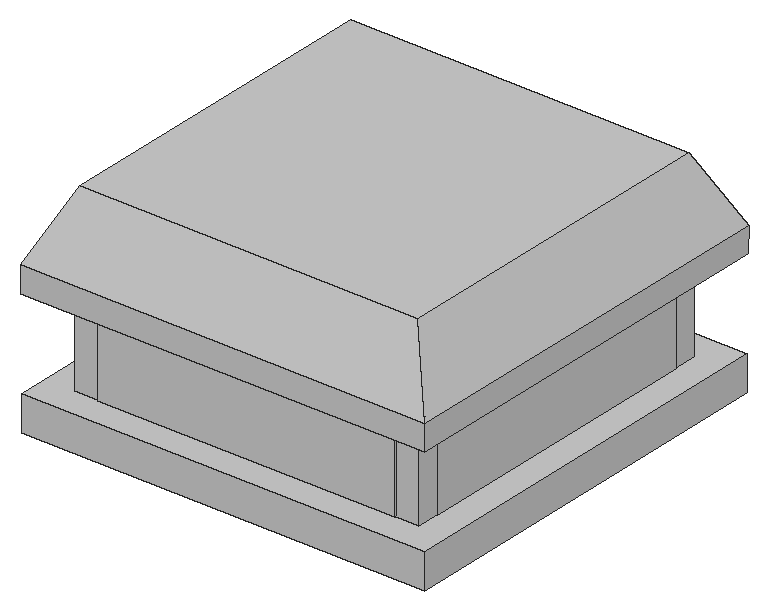
Revit family "VENTS-VKH", category Mechanical Equipment, Revit 2019
Family settings
  Round Connector Dimension = Use Diameter
  Classification = None
  Part Type = Normal
  OmniClass Number = 23.75.35.17.14
  OmniClass Title = Fans, Single Units
  Work Plane-Based = No
  Always vertical = Yes
  Cut with Voids When Loaded = No
  Shared = No
  Room Calculation Point = No
Parameters (values of type "VKH 2E 190 (50Hz)")
  gsA = A * 0.8  # 280.8 mm
  grGap2 = 20 mm  # constant formula
  grGap1 = 1 mm  # constant formula
  Weight = 8.20 kg
  Voltage = 230 V
  URL = "https://ventilation-system.com/product/vkh-2e-190"
  Type Comments = "Centrifugal roof fan VKH 2E 190"
  Transported Air Temperature (°C) = "-25...+50"
  Sound Pressure Level at 3 m (dBA) = 0
  Sound Pressure Level at 1 m (dBA) = 0
  RPM (min-1) = 2680
  Protection rating = "IP X4"
  Power Factor = 1
  Power [instance] = 69 W
  Number of Poles = 1
  Noise Level at 3 m (dBa) = 48
  Model = "VKH 2E 190"
  Maximum Air Flow = 610 m³/h
  Manufacturer = "Vents"
  Maintenance Zone Front Depth = 400 mm
  Maintenance Zone Material = Maintenance Zone
  Maintenance Zone Side Depth = 400 mm
  Maintenance Zone [instance] = no
  Load Classification = HVAC
  Ht2 = 22 mm
  Ht1 = 59 mm
  Hc = H - Ht1 - Ht2 - Hb  # 78 mm
  Hb = 30 mm
  H = 189 mm
  Grid Material = Grid Cross Zinc
  Graphical Symbol [instance] = yes
  Family Version = "1.0"  # constant formula
  Duct Connection Size = 180 mm
  Description = "Centrifugal roof fan with horizontal air discharge"
  D = 213 mm
  Current = 0.3 A
  Copyright = "©Vents"
  Casing Material = Fan Zinc
  C = 245 mm
  B = 350 mm
  Apparent Power [instance] = Power / Power Factor  # 69 VA
  Air Flow [instance] = 0 m³/h
  Atop = 294 mm
  Ac = 298 mm
  A = 351 mm
Types (38, lengths in mm): name | gsA | Weight | Voltage | URL | Type Comments | Transported Air Temperature (°C) | RPM (min-1) | Power | Number of Poles | Noise Level at 3 m (dBa) | Model | Maximum Air Flow | Ht2 | Ht1 | Hc | H | Duct Connection Size | D | Current | C | B | Apparent Power | Atop | Ac | A
  VKH 2E 190 (50Hz) | 280.8 | 8.20 kg | 230 V | "https://ventilation-system.com/product/vkh-2e-190" | "Centrifugal roof fan VKH 2E 190" | "-25...+50" | 2680 | 69 W | 1 | 48 | "VKH 2E 190" | 610 m³/h | 22 | 59 | 78 | 189 | 180 | 213 | 0.3 A | 245 | 350 | 69 VA | 294 | 298 | 351
  VKH 2E 190 (60Hz) | 280.8 | 8.20 kg | 230 V | "https://ventilation-system.com/product/vkh-2e-190" | "Centrifugal roof fan VKH 2E 190" | "-25...+50" | 2980 | 89 W | 1 | 49 | "VKH 2E 190" | 654 m³/h | 22 | 59 | 78 | 189 | 180 | 213 | 0.4 A | 245 | 350 | 89 VA | 294 | 298 | 351
  VKH 2E 220 (50Hz) | 269.6 | 7.00 kg | 230 V | "https://ventilation-system.com/product/vkh-2e-220" | "Centrifugal roof fan VKH 2E 220" | "-25...+50" | 2580 | 108 W | 1 | 50 | "VKH 2E 220" | 880 m³/h | 29 | 46 | 75 | 180 | 180 | 213 | 0.49 A | 245 | 338 | 108 VA | 292 | 284 | 337
  VKH 2E 220 (60Hz) | 269.6 | 7.00 kg | 230 V | "https://ventilation-system.com/product/vkh-2e-220" | "Centrifugal roof fan VKH 2E 220" | "-25...+50" | 2840 | 118 W | 1 | 51 | "VKH 2E 220" | 883 m³/h | 29 | 46 | 75 | 180 | 180 | 213 | 0.54 A | 245 | 338 | 118 VA | 292 | 284 | 337
  VKH 2E 225 (50Hz) | 280.8 | 9.20 kg | 230 V | "https://ventilation-system.com/product/vkh-2e-225" | "Centrifugal roof fan VKH 2E 225" | "-25...+50" | 2790 | 123 W | 1 | 51 | "VKH 2E 225" | 915 m³/h | 22 | 59 | 99 | 210 | 180 | 210 | 0.54 A | 245 | 350 | 123 VA | 295 | 298 | 351
  VKH 2E 225 (60Hz) | 280.8 | 9.20 kg | 230 V | "https://ventilation-system.com/product/vkh-2e-225" | "Centrifugal roof fan VKH 2E 225" | "-25...+50" | 2820 | 169 W | 1 | 52 | "VKH 2E 225" | 1010 m³/h | 22 | 59 | 99 | 210 | 180 | 210 | 0.7 A | 245 | 350 | 169 VA | 295 | 298 | 351
  VKH 4E 225 (50Hz) | 280.8 | 8.80 kg | 230 V | "https://ventilation-system.com/product/vkh-4e-225" | "Centrifugal roof fan VKH 4E 225" | "-25...+50" | 1400 | 49 W | 1 | 45 | "VKH 4E 225" | 738 m³/h | 22 | 59 | 122 | 233 | 180 | 210 | 0.22 A | 245 | 350 | 49 VA | 295 | 298 | 351
  VKH 2E 250 (50Hz) | 360.8 | 12.70 kg | 230 V | "https://ventilation-system.com/product/vkh-2e-250" | "Centrifugal roof fan VKH 2E 250" | "-25...+50" | 2480 | 184 W | 1 | 54 | "VKH 2E 250" | 1450 m³/h | 22 | 59 | 126 | 237 | 250 | 285 | 0.81 A | 330 | 450 | 184 VA | 394 | 398 | 451
  VKH 2E 250 (60Hz) | 360.8 | 12.70 kg | 230 V | "https://ventilation-system.com/product/vkh-2e-250" | "Centrifugal roof fan VKH 2E 250" | "-25...+50" | 2320 | 232 W | 1 | 53 | "VKH 2E 250" | 1320 m³/h | 22 | 59 | 126 | 237 | 250 | 285 | 0.9 A | 330 | 450 | 232 VA | 394 | 398 | 451
  VKH 4E 250 (50Hz) | 360.8 | 12.10 kg | 230 V | "https://ventilation-system.com/product/vkh-4e-250" | "Centrifugal roof fan VKH 4E 250" | "-25...+50" | 1440 | 48 W | 1 | 46 | "VKH 4E 250" | 820 m³/h | 22 | 59 | 126 | 237 | 250 | 285 | 0.23 A | 330 | 450 | 48 VA | 394 | 398 | 451
  VKH 4E 280 (50Hz) | 360.8 | 13.50 kg | 230 V | "https://ventilation-system.com/product/vkh-4e-280" | "Centrifugal roof fan VKH 4E 280" | "-25...+50" | 1446 | 125 W | 1 | 46 | "VKH 4E 280" | 1490 m³/h | 22 | 59 | 154 | 265 | 250 | 291 | 0.61 A | 330 | 450 | 125 VA | 394 | 398 | 451
  VKH 4E 280 (60Hz) | 360.8 | 13.50 kg | 230 V | "https://ventilation-system.com/product/vkh-4e-280" | "Centrifugal roof fan VKH 4E 280" | "-25...+50" | 1710 | 155 W | 1 | 46 | "VKH 4E 280" | 1520 m³/h | 22 | 59 | 154 | 265 | 250 | 291 | 0.99 A | 330 | 450 | 155 VA | 394 | 398 | 451
  VKH 2E 310 (50Hz) | 360.8 | 13.20 kg | 230 V | "https://ventilation-system.com/product/vkh-2e-310" | "Centrifugal roof fan VKH 2E 310" | "-25...+50" | 2620 | 324 W | 1 | 58 | "VKH 2E 310" | 2150 m³/h | 22 | 59 | 140 | 251 | 250 | 291 | 1.42 A | 330 | 450 | 324 VA | 394 | 398 | 451
  VKH 4E 310 (50Hz) | 360.8 | 14.20 kg | 230 V | "https://ventilation-system.com/product/vkh-4e-310" | "Centrifugal roof fan VKH 4E 310" | "-25...+50" | 1420 | 141 W | 1 | 47 | "VKH 4E 310" | 2265 m³/h | 22 | 59 | 176 | 287 | 250 | 285 | 0.64 A | 330 | 450 | 141 VA | 394 | 398 | 451
  VKH 4E 310 (60Hz) | 360.8 | 14.20 kg | 230 V | "https://ventilation-system.com/product/vkh-4e-310" | "Centrifugal roof fan VKH 4E 310" | "-25...+50" | 1740 | 195 W | 1 | 49 | "VKH 4E 310" | 2425 m³/h | 22 | 59 | 176 | 287 | 250 | 285 | 0.87 A | 330 | 450 | 195 VA | 394 | 398 | 451
  VKH 4D 310 (50Hz) | 360.8 | 14.20 kg | 400 V | "https://ventilation-system.com/product/vkh-4d-310" | "Centrifugal roof fan VKH 4D 310" | "-25...+50" | 1410 | 155 W | 3 | 47 | "VKH 4D 310" | 2300 m³/h | 22 | 59 | 176 | 287 | 250 | 285 | 0.29 A | 330 | 450 | 155 VA | 394 | 398 | 451
  VKH 4D 310 (60Hz) | 360.8 | 14.20 kg | 400 V | "https://ventilation-system.com/product/vkh-4d-310" | "Centrifugal roof fan VKH 4D 310" | "-25...+50" | 1550 | 202 W | 3 | 48 | "VKH 4D 310" | 2442 m³/h | 22 | 59 | 176 | 287 | 250 | 285 | 0.32 A | 330 | 450 | 202 VA | 394 | 398 | 451
  VKH 4E 355 (50Hz) | 500 | 28.30 kg | 230 V | "https://ventilation-system.com/product/vkh-4e-355" | "Centrifugal roof fan VKH 4E 355" | "-30...+60" | 1420 | 219 W | 1 | 51 | "VKH 4E 355" | 2480 m³/h | 22 | 94 | 176 | 322 | 400 | 438 | 0.96 A | 450 | 620 | 219 VA | 534 | 568 | 625
  VKH 4E 355 (60Hz) | 500 | 28.30 kg | 230 V | "https://ventilation-system.com/product/vkh-4e-355" | "Centrifugal roof fan VKH 4E 355" | "-30...+60" | 1580 | 304 W | 1 | 52 | "VKH 4E 355" | 2976 m³/h | 22 | 94 | 176 | 322 | 400 | 438 | 1.33 A | 450 | 620 | 304 VA | 534 | 568 | 625
  VKH 4D 355 (50Hz) | 500 | 30.30 kg | 400 V | "https://ventilation-system.com/product/vkh-4d-355" | "Centrifugal roof fan VKH 4D 355" | "-30...+60" | 1430 | 264 W | 3 | 52 | "VKH 4D 355" | 3290 m³/h | 22 | 94 | 201 | 347 | 400 | 438 | 0.58 A | 450 | 620 | 264 VA | 534 | 568 | 625
  VKH 4D 355 (60Hz) | 500 | 30.30 kg | 400 V | "https://ventilation-system.com/product/vkh-4d-355" | "Centrifugal roof fan VKH 4D 355" | "-30...+60" | 1650 | 330 W | 3 | 53 | "VKH 4D 355" | 3540 m³/h | 22 | 94 | 201 | 347 | 400 | 438 | 0.64 A | 450 | 620 | 330 VA | 534 | 568 | 625
  VKH 4E 400 (50Hz) | 500 | 35.00 kg | 230 V | "https://ventilation-system.com/product/vkh-4e-400" | "Centrifugal roof fan VKH 4E 400" | "-30...+60" | 1440 | 457 W | 1 | 55 | "VKH 4E 400" | 3950 m³/h | 22 | 94 | 230 | 376 | 400 | 438 | 2 A | 450 | 620 | 457 VA | 534 | 568 | 625
  VKH 6E 400 (50Hz) | 500 | 32.70 kg | 230 V | "https://ventilation-system.com/product/vkh-6e-400" | "Centrifugal roof fan VKH 6E 400" | "-30...+60" | 945 | 184 W | 1 | 47 | "VKH 6E 400" | 2740 m³/h | 22 | 94 | 230 | 376 | 400 | 438 | 0.89 A | 450 | 620 | 184 VA | 534 | 568 | 625
  VKH 6E 400 (60Hz) | 500 | 32.70 kg | 230 V | "https://ventilation-system.com/product/vkh-6e-400" | "Centrifugal roof fan VKH 6E 400" | "-30...+60" | 1071 | 249 W | 1 | 49 | "VKH 6E 400" | 3289 m³/h | 22 | 94 | 230 | 376 | 400 | 438 | 1.1 A | 450 | 620 | 249 VA | 534 | 568 | 625
  VKH 4D 400 (50Hz) | 500 | 35.00 kg | 400 V | "https://ventilation-system.com/product/vkh-4d-400" | "Centrifugal roof fan VKH 4D 400" | "-30...+60" | 1440 | 420 W | 3 | 55 | "VKH 4D 400" | 3950 m³/h | 22 | 94 | 230 | 376 | 400 | 438 | 0.99 A | 450 | 620 | 420 VA | 534 | 568 | 625
  VKH 4E 450 (50Hz) | 568 | 46.60 kg | 230 V | "https://ventilation-system.com/product/vkh-4e-450" | "Centrifugal roof fan VKH 4E 450" | "-30...+60" | 1400 | 749 W | 1 | 58 | "VKH 4E 450" | 6180 m³/h | 22 | 114 | 254 | 420 | 400 | 438 | 3.35 A | 535 | 700 | 749 VA | 600 | 624 | 710
  VKH 6E 450 (50Hz) | 568 | 45.60 kg | 230 V | "https://ventilation-system.com/product/vkh-6e-450" | "Centrifugal roof fan VKH 6E 450" | "-30...+60" | 940 | 268 W | 1 | 50 | "VKH 6E 450" | 4380 m³/h | 22 | 114 | 254 | 420 | 400 | 438 | 1.25 A | 535 | 700 | 268 VA | 600 | 624 | 710
  VKH 4D 450 (50Hz) | 568 | 45.50 kg | 400 V | "https://ventilation-system.com/product/vkh-4d-450" | "Centrifugal roof fan VKH 4D 450" | "-30...+50" | 1440 | 755 W | 3 | 57 | "VKH 4D 450" | 5920 m³/h | 22 | 114 | 254 | 420 | 400 | 438 | 1.5 A | 535 | 700 | 755 VA | 600 | 624 | 710
  VKH 4D 500 (50Hz) | 568 | 46.60 kg | 400 V | "https://ventilation-system.com/product/vkh-4d-500" | "Centrifugal roof fan VKH 4D 500" | "-30...+50" | 1460 | 1527 W | 3 | 62 | "VKH 4D 500" | 8435 m³/h | 22 | 114 | 324 | 490 | 400 | 430 | 2.64 A | 535 | 700 | 1527 VA | 600 | 624 | 710
  VKH 6E 500 (50Hz) | 568 | 52.80 kg | 230 V | "https://ventilation-system.com/product/vkh-6e-500" | "Centrifugal roof fan VKH 6E 500" | "-25...+60" | 970 | 407 W | 1 | 52 | "VKH 6E 500" | 5680 m³/h | 22 | 114 | 295 | 461 | 400 | 445 | 1.81 A | 535 | 700 | 407 VA | 600 | 624 | 710
  VKH 6E 500 (60Hz) | 568 | 52.80 kg | 230 V | "https://ventilation-system.com/product/vkh-6e-500" | "Centrifugal roof fan VKH 6E 500" | "-25...+60" | 1120 | 673 W | 1 | 54 | "VKH 6E 500" | 6532 m³/h | 22 | 114 | 295 | 461 | 400 | 445 | 3.05 A | 535 | 700 | 673 VA | 600 | 624 | 710
  VKH 6D 500 (50Hz) | 568 | 52.70 kg | 400 V | "https://ventilation-system.com/product/vkh-6d-500" | "Centrifugal roof fan VKH 6D 500" | "-25...+60" | 978 | 440 W | 3 | 52 | "VKH 6D 500" | 6000 m³/h | 22 | 114 | 295 | 461 | 400 | 445 | 1.23 A | 535 | 700 | 440 VA | 600 | 624 | 710
  VKH 6D 500 (60Hz) | 568 | 52.70 kg | 400 V | "https://ventilation-system.com/product/vkh-6d-500" | "Centrifugal roof fan VKH 6D 500" | "-25...+60" | 1125 | 599 W | 3 | 54 | "VKH 6D 500" | 6122 m³/h | 22 | 114 | 295 | 461 | 400 | 445 | 1.32 A | 535 | 700 | 599 VA | 600 | 624 | 710
  VKH 4D 560 (50Hz) | 720 | 81.40 kg | 230 V | "https://ventilation-system.com/product/vkh-4d-560" | "Centrifugal roof fan VKH 4D 560" | "-25...+50" | 1400 | 1970 W | 1 | 66 | "VKH 4D 560" | 13560 m³/h | 22 | 114 | 323 | 489 | 560 | 605 | 3.36 A | 750 | 895 | 1970 VA | 790 | 838 | 900
  VKH 6E 560 (50Hz) | 720 | 76.40 kg | 230 V | "https://ventilation-system.com/product/vkh-6e-560" | "Centrifugal roof fan VKH 6E 560" | "-25...+50" | 930 | 613 W | 1 | 58 | "VKH 6E 560" | 9560 m³/h | 22 | 114 | 323 | 489 | 560 | 605 | 2.7 A | 750 | 895 | 613 VA | 790 | 838 | 900
  VKH 6D 560 (50Hz) | 720 | 76.40 kg | 400 V | "https://ventilation-system.com/product/vkh-6d-560" | "Centrifugal roof fan VKH 6D 560" | "-25...+50" | 970 | 696 W | 3 | 58 | "VKH 6D 560" | 9630 m³/h | 22 | 114 | 323 | 489 | 560 | 605 | 1.44 A | 750 | 895 | 696 VA | 790 | 838 | 900
  VKH 6D 630 (50Hz) | 800 | 96.30 kg | 400 V | "https://ventilation-system.com/product/vkh-6d-630" | "Centrifugal roof fan VKH 6D 630" | "-25...+50" | 957 | 1110 W | 3 | 64 | "VKH 6D 630" | 12640 m³/h | 22 | 114 | 354 | 520 | 560 | 600 | 2.42 A | 750 | 990 | 1110 VA | 892 | 915 | 1000
  VKH 6D 710 (50Hz) | 848 | 134.00 kg | 400 V | "https://ventilation-system.com/product/vkh-6d-710" | "Centrifugal roof fan VKH 6D 710" | "-25...+70" | 945 | 2583 W | 3 | 67 | "VKH 6D 710" | 17010 m³/h | 22 | 114 | 404 | 570 | 630 | 674 | 4.87 A | 840 | 1050 | 2583 VA | 950 | 975 | 1060
Reference planes
  plane 1 "Center (Front/Back)": y = 0
  plane 2: z = 0
  plane 3 "Center (Left/Right)": x = 0
  plane 4: x = -175
  plane 5: x = 175
  plane 6: y = 175
  plane 7: y = -175
  plane 8 "TopOfBottom": z = 30
  plane 9: z = 108
  plane 10 "Top": z = 189
  plane 11: x = -175.5
  plane 12: x = 175.5
  plane 13: y = 175.5
  plane 14 "Front": y = -175.5
  plane 15 "BottomOfTop": z = 130
  plane 16 "MaintananceDepthFront": y = -575.5
  plane 17 "MaintananceDepthRight": x = 575.5
  plane 18: x = -147
  plane 19: x = 147
  plane 20: y = 147
  plane 21: y = -147
  plane 22 "CenterPartLeft": x = -149
  plane 23 "CenterPartRight": x = 149
  plane 24 "CenterPartBack": y = 149
  plane 25 "CenterPartFront": y = -149
  plane 26 "MaintananceDepthLeft": x = -575.5
  plane 27 "MaintananceDepthBack": y = 575.5
  plane 28 "ElConFront": y = -75.5
  plane 29: x = -150
  plane 30: x = 150
  plane 31: y = -150
  plane 32: y = 150
  plane 33: x = -129
  plane 34: y = 129
  plane 35: x = 129
  plane 36: y = -129
Forms (mm)
  Extrusion 1, solid, material "Fan Zinc" <- "Casing Material", detail levels medium+fine
    sketch origin (0, 0, 0) x (1, 0, 0) y (0, 1, 0)
      loop
        line (-175, 175) -> (-175, -175) -> (175, -175) -> (175, 175) -> (-175, 175)
    from 0 to 30
  Extrusion 2, solid, material "Maintenance Zone" <- "Maintenance Zone Material", visible <- "Maintenance Zone", detail levels medium+fine
    sketch origin (0, 0, 0) x (1, 0, 0) y (0, 1, 0)
      loop
        line (-175.5, -175.5) -> (-175.5, -575.5) -> (175.5, -575.5) -> (175.5, -175.5) -> (-175.5, -175.5)
    from 0 to 189
  Extrusion 3, solid, material "Maintenance Zone" <- "Maintenance Zone Material", visible <- "Maintenance Zone", detail levels medium+fine
    sketch origin (0, 0, 0) x (1, 0, 0) y (0, 1, 0)
      loop
        line (175.5, 175.5) -> (175.5, -175.5) -> (575.5, -175.5) -> (575.5, 175.5) -> (175.5, 175.5)
    from 0 to 189
  Extrusion 4, solid, material "Fan Zinc" <- "Casing Material", detail levels medium+fine
    sketch origin (0, 0, 30) x (-1, 0, 0) y (0, -1, 0)
      loop
        line (149, -149) -> (149, 149) -> (-149, 149) -> (-149, -149) -> (149, -149)
    from 0 to 78
  Blend 5, solid, material "Fan Zinc" <- "Casing Material", detail levels medium+fine
    base sketch origin (0, 0, 130) x (-1, 0, 0) y (0, -1, 0)
      loop
        line (175.5, -175.5) -> (175.5, 175.5) -> (-175.5, 175.5) -> (-175.5, -175.5) -> (175.5, -175.5)
    top sketch origin (0, 0, 189) x (-1, 0, 0) y (0, -1, 0)
      loop
        line (147, -147) -> (147, 147) -> (-147, 147) -> (-147, -147) -> (147, -147)
    from 0 to 0
  Extrusion 6, solid, material "Fan Zinc" <- "Casing Material", detail levels medium+fine
    sketch origin (0, 0, 130) x (-1, 0, 0) y (0, -1, 0)
      loop
        line (175.5, -175.5) -> (175.5, 175.5) -> (-175.5, 175.5) -> (-175.5, -175.5) -> (175.5, -175.5)
    from 0 to -22
  Extrusion 7, solid, material "Maintenance Zone" <- "Maintenance Zone Material", visible <- "Maintenance Zone", detail levels medium+fine
    sketch origin (0, 0, 0) x (1, 0, 0) y (0, 1, 0)
      loop
        line (-175.5, 575.5) -> (-175.5, 175) -> (175, 175) -> (175, 575.5) -> (-175.5, 575.5)
    from 0 to 189
  Extrusion 8, solid, material "Maintenance Zone" <- "Maintenance Zone Material", visible <- "Maintenance Zone", detail levels medium+fine
    sketch origin (0, 0, 0) x (1, 0, 0) y (0, 1, 0)
      loop
        line (-575.5, 175.5) -> (-575.5, -175) -> (-175, -175) -> (-175, 175.5) -> (-575.5, 175.5)
    from 0 to 189
  Extrusion 9, solid, not visible, detail levels medium+fine
    sketch origin (0, 0, 130) x (-1, 0, 0) y (0, -1, 0)
      loop
        circle (0, 75.5) r 5
    from 0 to 30
  Extrusion 10, solid, material "Grid Cross Zinc" <- "Grid Material", detail levels fine
    sketch origin (0, 0, 30) x (-1, 0, 0) y (0, -1, 0)
      loop
        line (129, -150) -> (129, -129) -> (150, -129) -> (150, 129) -> (129, 129) -> (129, 150) -> (-129, 150) -> (-129, 129) -> (-150, 129) -> (-150, -129) -> (-129, -129) -> (-129, -150) -> (129, -150)
    from 0 to 78
Lines and regions (mm)
  symbolic lines, style "MechanicalEquipment", detail levels coarse
    curve 1: line (-175.5, 175.5, 0) -> (175.5, 175.5, 0)
    curve 2: line (-175.5, -175.5, 0) -> (-175.5, 175.5, 0)
    curve 3: line (175.5, -175.5, 0) -> (-175.5, -175.5, 0)
    curve 4: line (175.5, 175.5, 0) -> (175.5, -175.5, 0)
  symbolic lines, style "Maintenance Zone", visible <- "Maintenance Zone", detail levels medium+fine
    curve 5: line (-175.5, -175.5, 0) -> (175.5, -175.5, 0)
    curve 6: line (-175.5, -575.5, 0) -> (-175.5, -175.5, 0)
    curve 7: line (175.5, -575.5, 0) -> (-175.5, -575.5, 0)
    curve 8: line (175.5, -175.5, 0) -> (175.5, -575.5, 0)
    curve 9: line (175.5, 175.5, 0) -> (575.5, 175.5, 0)
    curve 10: line (175.5, -175.5, 0) -> (175.5, 175.5, 0)
    curve 11: line (575.5, -175.5, 0) -> (175.5, -175.5, 0)
    curve 12: line (575.5, 175.5, 0) -> (575.5, -175.5, 0)
    curve 13: line (-175.5, 575.5, 30) -> (175, 575.5, 30)
    curve 14: line (-175.5, 175, 30) -> (-175.5, 575.5, 30)
    curve 15: line (175, 175, 30) -> (-175.5, 175, 30)
    curve 16: line (175, 575.5, 30) -> (175, 175, 30)
    curve 17: line (-575.5, 175.5, 30) -> (-175, 175.5, 30)
    curve 18: line (-575.5, -175, 30) -> (-575.5, 175.5, 30)
    curve 19: line (-175, -175, 30) -> (-575.5, -175, 30)
    curve 20: line (-175, 175.5, 30) -> (-175, -175, 30)
Dimensions and locks
  equal spacing: plane 4, plane 3 "Center (Left/Right)", plane 5
  "B": plane 4 to plane 5
  equal spacing: plane 6, plane 1 "Center (Front/Back)", plane 7
  "B": plane 6 to plane 7
  "Hb": plane 8 "TopOfBottom" to level
  "Hc": plane 9 to plane 8 "TopOfBottom"
  "Ht1": plane 10 "Top" to plane 15 "BottomOfTop"
  equal spacing: plane 13, plane 1 "Center (Front/Back)", plane 14 "Front"
  "A": plane 13 to plane 14 "Front"
  equal spacing: plane 11, plane 3 "Center (Left/Right)", plane 12
  "A": plane 11 to plane 12
  "Maintenance Zone Front Depth": plane 14 "Front" to plane 16 "MaintananceDepthFront"
  equal spacing: plane 18, plane 3 "Center (Left/Right)", plane 19
  "Atop": plane 18 to plane 19
  equal spacing: plane 20, plane 1 "Center (Front/Back)", plane 21
  "Atop": plane 20 to plane 21
  "Ht2": plane 15 "BottomOfTop" to plane 9
  equal spacing: plane 22 "CenterPartLeft", plane 3 "Center (Left/Right)", plane 23 "CenterPartRight"
  "Ac": plane 22 "CenterPartLeft" to plane 23 "CenterPartRight"
  equal spacing: plane 24 "CenterPartBack", plane 1 "Center (Front/Back)", plane 25 "CenterPartFront"
  "Ac": plane 24 "CenterPartBack" to plane 25 "CenterPartFront"
  "Maintenance Zone Side Depth": plane 12 to plane 17 "MaintananceDepthRight"
  "Maintenance Zone Side Depth": plane 26 "MaintananceDepthLeft" to plane 11
  "Maintenance Zone Front Depth": plane 27 "MaintananceDepthBack" to plane 13
  locked: plane 28 "ElConFront" to plane 14 "Front" at 100
  "grGap1": plane 32 to plane 24 "CenterPartBack"
  "grGap1": plane 25 "CenterPartFront" to plane 31
  "grGap1": plane 23 "CenterPartRight" to plane 30
  "grGap1": plane 29 to plane 22 "CenterPartLeft"
  "grGap2": plane 24 "CenterPartBack" to plane 34
  "grGap2": plane 22 "CenterPartLeft" to plane 33
  "grGap2": plane 35 to plane 23 "CenterPartRight"
  "grGap2": plane 36 to plane 25 "CenterPartFront"
  aligned and locked: level to plane 2
  aligned and locked: Extrusion 1 sketch curve to plane 6
  aligned and locked: plane 4 to Extrusion 1 sketch curve
  aligned and locked: plane 7 to Extrusion 1 sketch curve
  aligned and locked: Extrusion 1 sketch curve to plane 5
  aligned and locked: plane 8 "TopOfBottom" to Extrusion 1
  aligned and locked: Extrusion 1 to level
  aligned and locked: Extrusion 2 sketch curve to plane 14 "Front"
  aligned and locked: plane 11 to Extrusion 2 sketch curve
  aligned and locked: plane 16 "MaintananceDepthFront" to Extrusion 2 sketch curve
  aligned and locked: Extrusion 2 sketch curve to plane 12
  aligned and locked: Extrusion 3 sketch curve to plane 13
  aligned and locked: plane 12 to Extrusion 3 sketch curve
  aligned and locked: plane 14 "Front" to Extrusion 3 sketch curve
  aligned and locked: Extrusion 3 sketch curve to plane 17 "MaintananceDepthRight"
  aligned and locked: plane 10 "Top" to Extrusion 3
  aligned and locked: plane 10 "Top" to Extrusion 2
  aligned and locked: nested 1 to plane 3 "Center (Left/Right)"
  aligned and locked: nested 1 to level
  aligned and locked: plane 3 "Center (Left/Right)" to nested 2
  aligned and locked: plane 1 "Center (Front/Back)" to nested 2
  aligned and locked: Extrusion 4 sketch curve to plane 24 "CenterPartBack"
  aligned and locked: plane 22 "CenterPartLeft" to Extrusion 4 sketch curve
  aligned and locked: plane 25 "CenterPartFront" to Extrusion 4 sketch curve
  aligned and locked: Extrusion 4 sketch curve to plane 23 "CenterPartRight"
  aligned and locked: plane 9 to Extrusion 4
  aligned and locked: Blend 5 sketch curve to curve 1
  aligned and locked: Blend 5 sketch curve to curve 2
  aligned and locked: Blend 5 sketch curve to Extrusion 2
  aligned and locked: Blend 5 sketch curve to Extrusion 3
  aligned and locked: Blend 5 sketch curve to plane 20
  aligned and locked: plane 18 to Blend 5 sketch curve
  aligned and locked: plane 21 to Blend 5 sketch curve
  aligned and locked: Blend 5 sketch curve to plane 19
  aligned and locked: plane 10 "Top" to Blend 5
  aligned and locked: Extrusion 6 sketch curve to curve 1
  aligned and locked: Extrusion 6 sketch curve to curve 2
  aligned and locked: Extrusion 6 sketch curve to Extrusion 2
  aligned and locked: Extrusion 6 sketch curve to Extrusion 3
  aligned and locked: Extrusion 6 to plane 9
  aligned and locked: Extrusion 7 sketch curve to plane 27 "MaintananceDepthBack"
  aligned and locked: plane 11 to Extrusion 7 sketch curve
  aligned and locked: Extrusion 7 sketch curve to Extrusion 1  (x2)
  aligned and locked: Extrusion 8 sketch curve to plane 13
  aligned and locked: plane 26 "MaintananceDepthLeft" to Extrusion 8 sketch curve
  aligned and locked: Extrusion 8 sketch curve to Extrusion 1  (x2)
  aligned and locked: plane 10 "Top" to Extrusion 8
  aligned and locked: curve 13 to Extrusion 7
  aligned and locked: curve 14 to Extrusion 7
  aligned and locked: curve 15 to Extrusion 1
  aligned and locked: curve 16 to Extrusion 7
  aligned and locked: curve 17 to Extrusion 8
  aligned and locked: curve 18 to Extrusion 8
  aligned and locked: curve 19 to Extrusion 8
  aligned and locked: curve 20 to Extrusion 1
  aligned and locked: plane 10 "Top" to Extrusion 7
  aligned and locked: Extrusion 10 sketch curve to plane 32
  aligned and locked: plane 29 to Extrusion 10 sketch curve
  aligned and locked: plane 31 to Extrusion 10 sketch curve
  aligned and locked: Extrusion 10 sketch curve to plane 30
  aligned and locked: plane 9 to Extrusion 10
Automatic sketch dimensions
  curve 1 to plane 11 = 0 mm
  curve 4 to plane 13 = 0 mm
  curve 5 to plane 12 = 0 mm
  curve 9 to plane 17 "MaintananceDepthRight" = 0 mm
  curve 7 to plane 16 "MaintananceDepthFront" = 0 mm
  curve 3 to plane 14 "Front" = 0 mm
  Extrusion 9 sketch curve to plane 3 "Center (Left/Right)" = 0 mm
  Extrusion 9 sketch curve to plane 28 "ElConFront" = 0 mm
  Extrusion 10 sketch curve to plane 35 = 0 mm  (x2)
  Extrusion 10 sketch curve to plane 33 = 0 mm  (x2)
  Extrusion 10 sketch curve to plane 34 = 0 mm  (x2)
  Extrusion 10 sketch curve to plane 36 = 0 mm  (x2)
  radius of Extrusion 9 sketch curve = 5 mm
Nested families
  nested 1: "GraphicalSymbol_Fan_3" at (0, 0, 87.75) x (-1, 0, 0) z (0, 1, 0), type "GraphicalSymbol_Fan_3", detail levels coarse
  nested 2: "GraphicalSymbol_Fun_3_Anno" at (0, 0, 0), visible <- "Graphical Symbol", type "GraphicalSymbol_Fun_3_Anno", detail levels coarse
Connectors
  hvac at (0, 0, 0), driven by "Duct Connection Size", driven by "Air Flow"
    settings: on Extrusion 1, index 1, duct flow 0 m³/h, flow factor 1, pres drop 0.0 Pa, loss coef 0, conn angle 0.00°, conn width 304.8 mm, conn height 304.8 mm, conn diameter 180 mm, duct sys type 3, conn prof type 0, flow config 2, flow direction 1, loss method 0, conn ref index -1, conn util no, is conn primary yes, conn desc ""
  electrical at (0, -75.5, 160), driven by "Number of Poles", driven by "Load Classification", driven by "Voltage", driven by "Apparent Power", driven by "Power Factor"
    settings: on Extrusion 9, index 2, voltage 230 V, apparent load 69 VA, apparent load phase1 0 VA, apparent load phase2 0 VA, apparent load phase3 0 VA, power factor 1, load classification "HVAC", number of poles 1, system type 30, power factor state 1, is connector primary yes, connector utility no, sub classification motor no, connector description ""
Definition of nested family "GraphicalSymbol_Fan_3"
  Parameters (values of type "GraphicalSymbol_Fan_3")
    Hs = H * 0.8  # 40 mm
    Default Elevation = 1219.2 mm
    H = A * 0.5  # 50 mm
    As = A * 0.7  # 70 mm
    ArrowW = H * 0.6  # 30 mm
    ArrowL = ArrowW  # 30 mm
    ArrowGap = ArrowW * 0.3  # 9 mm
    Arrow3 = yes
    Arrow2 = yes
    Arrow1 = yes
    A = 100 mm
  Reference planes
    plane 1 "Center (Front/Back)": y = 0
    plane 2: z = 0
    plane 3 "Center (Left/Right)": x = 0
    plane 4: y = 25
    plane 5: y = -25
    plane 6: x = -50
    plane 7: x = 50
    plane 8: y = 20
    plane 9: y = -20
    plane 10: x = -35
    plane 11: x = 35
    plane 12: x = 15
    plane 13: x = -15
    plane 14: y = 15
    plane 15: y = -15
    plane 16: y = 34
    plane 17: x = -59
    plane 18: x = 59
    plane 19: x = -89
    plane 20: x = 89
    plane 21: y = 64
  Lines and regions (mm)
    model lines
      curve 1: line (-50, 25, 0) -> (50, 25, 0)
      curve 2: line (-50, -25, 0) -> (-50, 25, 0)
      curve 3: line (50, -25, 0) -> (-50, -25, 0)
      curve 4: line (50, 25, 0) -> (50, -25, 0)
      curve 5: line (-35, 20, 0) -> (-35, -20, 0)
      curve 6: line (-35, -20, 0) -> (35, 20, 0)
      curve 7: line (35, 20, 0) -> (35, -20, 0)
      curve 8: line (35, -20, 0) -> (-35, 20, 0)
    model lines, visible <- "Arrow1"
      curve 9: line (-15, 34, 0) -> (15, 34, 0)
      curve 10: line (15, 34, 0) -> (0, 64, 0)
      curve 11: line (0, 64, 0) -> (-15, 34, 0)
    model lines, visible <- "Arrow2"
      curve 12: line (-59, 15, 0) -> (-59, -15, 0)
      curve 13: line (-59, -15, 0) -> (-89, 0, 0)
      curve 14: line (-89, 0, 0) -> (-59, 15, 0)
    model lines, visible <- "Arrow3"
      curve 15: line (59, 15, 0) -> (59, -15, 0)
      curve 16: line (59, -15, 0) -> (89, 0, 0)
      curve 17: line (89, 0, 0) -> (59, 15, 0)
  Dimensions and locks
    equal spacing: plane 10, plane 3 "Center (Left/Right)", plane 11
    equal spacing: plane 6, plane 3 "Center (Left/Right)", plane 7
    equal spacing: plane 4, plane 1 "Center (Front/Back)", plane 5
    equal spacing: plane 8, plane 1 "Center (Front/Back)", plane 9
    "As": plane 10 to plane 11
    "Hs": plane 8 to plane 9
    "A": plane 6 to plane 7
    "H": plane 4 to plane 5
    equal spacing: plane 13, plane 3 "Center (Left/Right)", plane 12
    "ArrowW": plane 13 to plane 12
    "ArrowGap": plane 16 to plane 4
    "ArrowL": plane 21 to plane 16
    equal spacing: plane 14, plane 1 "Center (Front/Back)", plane 15
    "ArrowW": plane 14 to plane 15
    "ArrowGap": plane 7 to plane 18
    "ArrowL": plane 18 to plane 20
    "ArrowGap": plane 17 to plane 6
    "ArrowL": plane 19 to plane 17
    aligned and locked: level to plane 2
    aligned and locked: curve 1 to plane 4
    aligned and locked: plane 6 to curve 2
    aligned and locked: plane 5 to curve 3
    aligned and locked: curve 4 to plane 7
  Automatic sketch dimensions
    plane 1 "Center (Front/Back)" to curve 14 = 0 mm
    curve 14 to plane 19 = 0 mm
    curve 13 to plane 15 = 0 mm
    curve 13 to plane 17 = 0 mm
    curve 6 to plane 9 = 0 mm
    curve 6 to plane 10 = 0 mm
    curve 11 to plane 13 = 0 mm
    curve 10 to plane 3 "Center (Left/Right)" = 0 mm
    curve 10 to plane 12 = 0 mm
    curve 7 to plane 9 = 0 mm
    curve 7 to plane 11 = 0 mm
    curve 15 to plane 15 = 0 mm
    curve 15 to plane 18 = 0 mm
    plane 1 "Center (Front/Back)" to curve 17 = 0 mm
    curve 16 to plane 20 = 0 mm
    curve 12 to plane 14 = 0 mm
    curve 15 to plane 14 = 0 mm
    curve 8 to plane 8 = 0 mm
    curve 7 to plane 8 = 0 mm
    curve 9 to plane 16 = 0 mm
    curve 10 to plane 21 = 0 mm
Definition of nested family "GraphicalSymbol_Fun_3_Anno"
  Parameters (values of type "GraphicalSymbol_Fun_3_Anno")
    Hs = 0.8 * H  # 40 mm
    H = 0.5 * A  # 50 mm
    As = 0.7 * A  # 70 mm
    A = 100 mm
  Reference planes
    plane 1 "Center (Front/Back)": y = 0
    plane 2: z = 0
    plane 3 "Center (Left/Right)": x = 0
    plane 4: x = -50
    plane 5: x = 50
    plane 6: y = 25
    plane 7: y = -25
    plane 8: x = 35
    plane 9: x = -35
    plane 10: y = 20
    plane 11: y = -20
  Lines and regions (mm)
    detail lines, in view "Ref. Level"
      curve 1: line (-50, 25, 0) -> (50, 25, 0)
      curve 2: line (-50, -25, 0) -> (-50, 25, 0)
      curve 3: line (50, -25, 0) -> (-50, -25, 0)
      curve 4: line (50, 25, 0) -> (50, -25, 0)
      curve 5: line (-35, 20, 0) -> (-35, -20, 0)
      curve 6: line (-35, -20, 0) -> (35, 20, 0)
      curve 7: line (35, 20, 0) -> (35, -20, 0)
      curve 8: line (35, -20, 0) -> (-35, 20, 0)
  Dimensions and locks
    equal spacing: plane 4, plane 3 "Center (Left/Right)", plane 5
    equal spacing: plane 9, plane 3 "Center (Left/Right)", plane 8
    "A": plane 4 to plane 5
    "As": plane 9 to plane 8
    equal spacing: plane 11, plane 1 "Center (Front/Back)", plane 10
    "Hs": plane 10 to plane 11
    equal spacing: plane 6, plane 1 "Center (Front/Back)", plane 7
    "H": plane 6 to plane 7
    aligned and locked: curve 1 to plane 6
    aligned and locked: plane 4 to curve 2
    aligned and locked: plane 7 to curve 3
    aligned and locked: curve 4 to plane 5
  Automatic sketch dimensions
    curve 8 to plane 9 = 0 mm
    curve 8 to plane 8 = 0 mm
    curve 6 to plane 11 = 0 mm
    curve 7 to plane 11 = 0 mm
    curve 7 to plane 10 = 0 mm
    curve 5 to plane 10 = 0 mm
